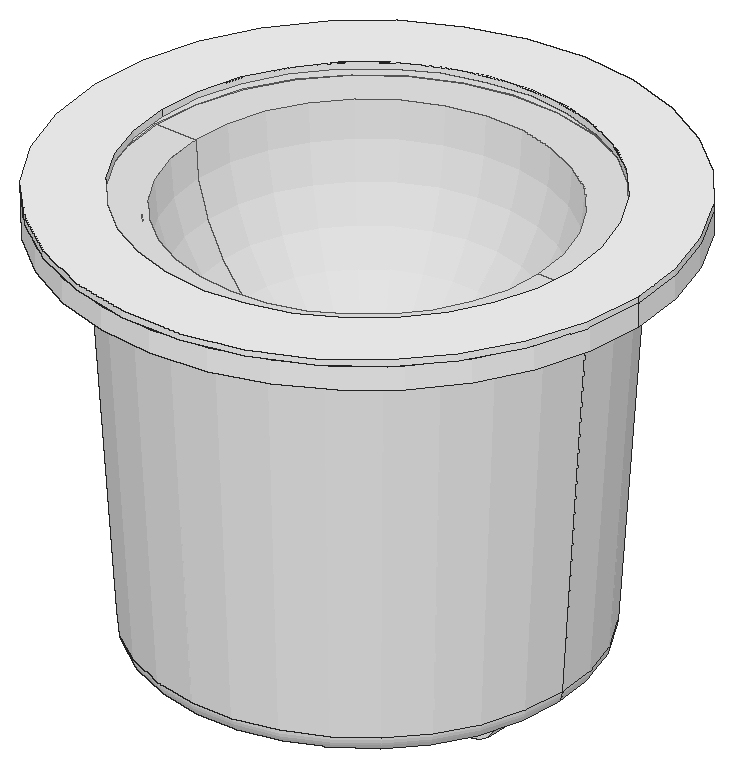
Revit family "2059240", category Lighting Fixtures, host Face, Revit 2018
Family settings
  Host = Face
  Round Connector Dimension = Use Diameter
  Part Type = Normal
  OmniClass Number = 23.80.70.11.17
  OmniClass Title = Specialized Lighting by Location or Use
  Cut with Voids When Loaded = No
  Light Source = Yes
  Shared = No
  Room Calculation Point = No
Parameters (values of type "2059240 MYRIAD DECO IP65 SP 2.7K DALI EM SI WBEZ")
  Weight = "n/a"
  Wattage = 15 W
  WarrantyStartDate [instance] = "n/a"
  WarrantyGuarantorParts = "n/a"
  WarrantyDurationUnit = "n/a"
  WarrantyDurationParts = ""
  WarrantyDescription = "http://www.sylvania-lighting.com"
  built-in parameter 1150110 = 1 (stored number, unit not read)
  Voltage = 230 V
  URL = "0"
  TypeName = "MYRIAD DECO IP65 SPOT 2700K DALI EM SILVER WBEZ"
  Type Image = 0
  Type Comments = ""
  built-in parameter 1114217 = 1 (stored number, unit not read)
  Tilt Angle = -90°
  built-in parameter 1150109 = 1 (stored number, unit not read)
  built-in parameter 1150134 = (empty or 0)
  built-in parameter 1150113 = 1 (stored number, unit not read)
  SerialNumber [instance] = "n/a"
  Reflector Radius = Cutout Diameter / 2 - 2.5 mm  # 35.0 mm
  Reflector Material = Aluminum_Sylvania_Myriad_Bright
  Recessed Depth = Height  # 72.0 mm
  PowerFactor = 0
  PowerConsumption = "Lighting"
  Photometric Web File = "2059240.ies"
  NominalWidth = 0.0 mm
  NominalLength = 76.0 mm
  NominalHeight = 72.0 mm
  Name = "MYRIAD DECO IP65 SPOT 2700K DALI EM SILVER WBEZ"
  ModelReference = "MYRIAD DECO IP65 SPOT 2700K DALI EM SILVER WBEZ"
  ModelNumber = "2059240"
  Material = "Feilo Sylvania"
  ManufacturerName = "103 lm/W"
  LuminousEfficacy = ""
  LuminaireType = "0"
  LightOutputRatio = "LED"
  LampsType = Lamp  # "n/a"
  LampNominalLuminous = "2700 K"
  LampMacAdamStep = "90"
  LampColourTemperature = "LED"
  LampColourRenderingIndex = "16500"
  Keynote = "n/a"
  Keynote_2 = "16500"
  InstallationDate [instance] = "n/a"
  InputVoltage = "0"
  InputNominalFrequency = "2700"
  IngressProtection = "IfcLightFixtureType"
  ImpactProtectionIndex = "IfcLightFixtureType"
  IfcExportType = "IfcLightFixtureType"
  IfcExportAs = "Class II"
  Height = 72.0 mm  # constant formula
  ExpectedLife = 50000
  Emit from Circle Diameter = Accessory Inner Diameter 2  # 68.0 mm
  Emit Shape Visible in Rendering = no
  ElectricShockClassification = "103"
  DurationUnit = "hours"
  DocumentationLiterature = "http://www.sylvania-lighting.com/product/en-int/products/2059240"
  DimmingControlOptions = "n/a"
  Diffuser Material = Glass_Sylvania_Myriad_Clear_4000K
  Diffuser Diameter = Cutout Diameter  # 75.0 mm
  Cutout Diameter = 75.0 mm  # constant formula
  CreatedOn = "03/02/2022"
  CreatedBy = "@sylvania-lighting.com"
  Cost = 0
  built-in parameter 1114216 [instance] = 1 (stored number, unit not read)
  Model = "MYRIAD DECO IP65 SPOT 2700K DALI EM SILVER WBEZ"
  Manufacturer = "Feilo Sylvania"  # constant formula
  built-in parameter 1150105 = 83.556 (stored number, unit not read)
  Lumens = 1050 lm
  built-in parameter 1150115 = 1 (stored number, unit not read)
  built-in parameter 1150137 = (empty or 0)
  built-in parameter 1150139 = (empty or 0)
  built-in parameter 1150112 = 1 (stored number, unit not read)
  built-in parameter 1150114 = 1 (stored number, unit not read)
  Lamp = "n/a"
  built-in parameter 1150132 = (empty or 0)
  built-in parameter 1150102 = (empty or 0)
  built-in parameter 1150107 = 2700 (stored number, unit not read)
  built-in parameter 1150138 = (empty or 0)
  built-in parameter 1150106 = 0.83556 (stored number, unit not read)
  built-in parameter 1150104 = 6.5032 (stored number, unit not read)
  Dimming Lamp Color Temperature Shift = <None>
  Description = "Supplied complete with electronic control gear Compact Fluorescent low energy downlight Emergency version passes through the cut out Ideal for low level orientation lighting New range of Architectural accessories each providing a different lit dimension New completely flush plaster up accessory ring for clean ceiling lines and smooth finish Order lamp separately"  # constant formula
  Default Elevation = 0.0 mm
  Color Filter = 16777215
  built-in parameter 1140040 [instance] = 1
  Body Radius = Reflector Radius + 1.5 mm  # 36.5 mm
  Body Material = Aluminum_Sylvania_Myriad_Gray
  BarCode [instance] = "n/a"
  built-in parameter 1114218 = 1 (stored number, unit not read)
  built-in parameter 1150133 = 10 (stored number, unit not read)
  AssetType = "Fixed"
  AssetIdentifier [instance] = "n/a"
  Assembly Code = "D5020200"
  Apparent Load = 12 VA
  Accessory Material = Aluminum_Sylvania_Myriad_White
  Accessory Inner Diameter 2 = Accessory Diameter - 22.0 mm  # 68.0 mm
  Accessory Inner Diameter 1 = Accessory Diameter - 2.0 mm  # 88.0 mm
  Accessory Diameter = Cutout Diameter + 15.0 mm  # 90.0 mm
Reference planes
  plane 1 "Center (Front/Back)": y = 0
  plane 2: z = 0
  plane 3 "Center (Left/Right)": x = 0
  plane 4: z = 2
  plane 5 "Fixture Bottom": z = 4.5
  plane 6: z = -28.5
  plane 7: z = -61.5
  plane 8 "Fixture Top": z = -67.5
  plane 9: z = 3.5
Forms (mm)
  Revolve 1, solid, material "Aluminum_Sylvania_Myriad_Bright" <- "Reflector Material", detail levels fine
    sketch origin (0, 0, 0) x (1, 0, 0) y (0, 0, 1)
      loop
        line (0, -27.515) -> (-6, -27.515)
        arc (-6, -27.515) -> (-22.333, -16.632) -> (-28.5, 2) r 30.135
        line (-28.5, 2) -> (-35, 2) -> (-35, 0) -> (-29.184, 0)
        arc (-29.184, 0) -> (-22.423, -18.18) -> (-6, -28.5) r 30.204
        line (-6, -28.5) -> (0, -28.5) -> (0, -27.515)
      axis (0, -28.5) -> (0, 2)
    angle from 0 to 360
  Revolve 2, solid, material "Aluminum_Sylvania_Myriad_Gray" <- "Body Material", detail levels fine
    sketch origin (0, 0, 0) x (1, 0, 0) y (0, 0, 1)
      loop
        line (-44, 2) -> (-44, 0) -> (-36.5, 0) -> (-32.42, -58.708)
        arc (-32.42, -58.708) -> (-31.474, -60.694) -> (-29.428, -61.5) r 3
        line (-29.428, -61.5) -> (0, -61.5) -> (0, -28.5) -> (-6, -28.5)
        arc (-6, -28.5) -> (-22.423, -18.18) -> (-29.184, 0) r 30.204
        line (-29.184, 0) -> (-35, 0) -> (-35, 2) -> (-44, 2)
      axis (0, 2) -> (0, -61.5)
    angle from 0 to 360
  Extrusion 3, solid, material "Aluminum_Sylvania_Myriad_Gray" <- "Body Material", detail levels fine
    sketch origin (0, 0, 0) x (1, 0, 0) y (0, 0, 1)
      loop
        line (-13.5, -67.5) -> (21, -67.5)
        arc (21, -67.5) -> (23.828, -66.328) -> (25, -63.5) r 4
        line (25, -63.5) -> (25, -61.5) -> (-17.5, -61.5) -> (-17.5, -63.5)
        arc (-17.5, -63.5) -> (-16.328, -66.328) -> (-13.5, -67.5) r 4
    from -4.5 to 4.5
  Extrusion 4, solid, material "Aluminum_Sylvania_Myriad_White" <- "Accessory Material", detail levels fine
    sketch origin (0, 0, 0) x (1, 0, 0) y (0, 1, 0)
      loop
        circle (0, 0) r 45
      loop
        circle (0, 0) r 44
    from 0 to 3.5
  Extrusion 5, solid, material "Aluminum_Sylvania_Myriad_White" <- "Accessory Material", detail levels fine
    sketch origin (0, 0, 0) x (1, 0, 0) y (0, 1, 0)
      loop
        circle (0, 0) r 45
      loop
        circle (0, 0) r 34
    from 3.5 to 4.5
  Extrusion 6, solid, material "Aluminum_Sylvania_Myriad_White" <- "Accessory Material", detail levels coarse+medium
    sketch origin (0, 0, 0) x (1, 0, 0) y (0, 1, 0)
      loop
        circle (0, 0) r 45
    from 0 to 4.5
  Revolve 7, solid, detail levels coarse+medium
    sketch origin (0, 0, 0) x (1, 0, 0) y (0, 0, 1)
      loop
        line (36.5, 0) -> (0, 0) -> (0, -61.5) -> (32.226, -61.5) -> (36.5, 0)
      axis (0, 0) -> (0, -61.5)
    angle from 0 to 360
  Extrusion 8, void
    sketch origin (0, 0, 0) x (1, 0, 0) y (0, 1, 0)
      loop
        circle (0, 0) r 37.5
    from -67.5 to 0
  Extrusion 9, solid, material "Glass_Sylvania_Myriad_Clear_4000K" <- "Diffuser Material", detail levels fine
    sketch origin (0, 0, 0) x (1, 0, 0) y (0, 1, 0)
      loop
        circle (0, 0) r 37.5
    from 2 to 3.5
Cuts and joins
  joined: Extrusion 4, Extrusion 5
Lines and regions (mm)
  Masking region 1
    outline origin (0, 0, 0) x (1, 0, 0) y (0, 1, 0)
      loop
        circle (0, 0) r 45
  symbolic lines
    curve 1: arc (-34, 0, 0) -> (0, 34, 0) -> (34, 0, 0) r 34
    curve 2: arc (34, 0, 0) -> (0, -34, 0) -> (-34, 0, 0) r 34
Dimensions and locks
  locked: plane 7 to plane 8 "Fixture Top" at 6
  "Body Radius": Revolve 7 sketch curve to plane 3 "Center (Left/Right)"
  locked: Revolve 7 sketch curve to Revolve 7 sketch curve at 4.274
  plane 5 "Fixture Bottom" to plane 9 to plane 4 to plane 2 to plane 6 = 1.0 mm locked, 1.5 mm locked, 2.0 mm locked, 28.5 mm locked
  "Reflector Radius": Revolve 1 sketch curve to plane 3 "Center (Left/Right)"
  Revolve 1 sketch curve to Revolve 1 sketch curve to Revolve 1 sketch curve to Revolve 1 sketch curve = 6.5 mm locked, 22.5 mm locked, 0.0 mm locked
  "Reflector Radius": plane 3 "Center (Left/Right)" to Revolve 2 sketch curve
  Revolve 2 sketch curve to Revolve 2 sketch curve to Revolve 2 sketch curve = 7.5 mm locked, 1.5 mm locked
  Revolve 2 sketch curve to Revolve 2 sketch curve to Revolve 2 sketch curve = 5.816 mm locked, 23.184 mm locked
  Revolve 2 sketch curve to Revolve 2 sketch curve to Revolve 2 sketch curve = 2.58 mm locked, 2.993 mm locked
  "Accessory Diameter": diameter of Extrusion 4 sketch curve
  "Accessory Inner Diameter 1": diameter of Extrusion 4 sketch curve
  "Accessory Diameter": diameter of Extrusion 5 sketch curve
  "Accessory Diameter": diameter of Extrusion 6 sketch curve
  "Cutout Diameter": diameter of Extrusion 8 sketch curve
  "Accessory Inner Diameter 2": diameter of Extrusion 5 sketch curve
  "Diffuser Diameter": diameter of Extrusion 9 sketch curve
  aligned and locked: plane 2 to host face
  aligned and locked: level to host face
  aligned and locked: plane 1 "Center (Front/Back)" to imposter light
  aligned and locked: plane 3 "Center (Left/Right)" to imposter light
  aligned and locked: Revolve 1 sketch curve to imposter light
  aligned and locked: Extrusion 3 sketch curve to plane 8 "Fixture Top"
  aligned and locked: plane 7 to Extrusion 3 sketch curve
  aligned and locked: Extrusion 4 to plane 2
  aligned and locked: plane 9 to Extrusion 4
  aligned and locked: Extrusion 5 to plane 9
  aligned and locked: plane 5 "Fixture Bottom" to Extrusion 5
  aligned and locked: Extrusion 6 to plane 2
  aligned and locked: plane 5 "Fixture Bottom" to Extrusion 6
  aligned and locked: Extrusion 8 to plane 8 "Fixture Top"
  aligned and locked: plane 2 to Extrusion 8
  aligned and locked: Masking region 1 sketch curve to Extrusion 6  (x2)
  aligned and locked: Extrusion 9 to plane 4
  aligned and locked: plane 9 to Extrusion 9
  aligned and locked: plane 4 to Revolve 2 sketch curve
  aligned and locked: Revolve 2 sketch curve to plane 2
  aligned and locked: curve 1 to cut or joined group of Extrusion 4, Extrusion 5
  aligned and locked: curve 2 to cut or joined group of Extrusion 4, Extrusion 5
  aligned and locked: imposter light to plane 5 "Fixture Bottom"
Automatic sketch dimensions
  host sketch curve to host sketch curve = 1305.563 mm
  host sketch curve to host sketch curve = 1283.632 mm
  Extrusion 3 sketch curve to plane 7 = 2.0 mm
  Extrusion 3 sketch curve to plane 3 "Center (Left/Right)" = 13.5 mm
  plane 3 "Center (Left/Right)" to Extrusion 3 sketch curve = 21.0 mm
  Extrusion 3 sketch curve to Extrusion 3 sketch curve = 4.0 mm
  Revolve 1 sketch curve to level = 0.0 mm
  Revolve 1 sketch curve to plane 3 "Center (Left/Right)" = 0.0 mm
  Revolve 1 sketch curve to plane 6 = 0.0 mm
  Revolve 1 sketch curve to plane 4 = 0.0 mm
  Revolve 1 sketch curve to Revolve 1 sketch curve = 0.684 mm
  level to Revolve 1 sketch curve = 0.88 mm
  Revolve 1 sketch curve to plane 4 = 0.363 mm
  Revolve 1 sketch curve to Revolve 1 sketch curve = 0.625 mm
  Revolve 1 sketch curve to plane 8 "Fixture Top" = 232.8 mm
  plane 5 "Fixture Bottom" to Revolve 1 sketch curve = 291.243 mm
  Revolve 2 sketch curve to plane 3 "Center (Left/Right)" = 0.0 mm  (x2)
  Revolve 2 sketch curve to plane 7 = 0.0 mm
  Revolve 2 sketch curve to plane 6 = 0.0 mm
  Revolve 2 sketch curve to level = 0.0 mm
  level to Revolve 2 sketch curve = 0.88 mm
  plane 7 to Revolve 2 sketch curve = 2.792 mm
  Revolve 2 sketch curve to plane 8 "Fixture Top" = 304.774 mm
  plane 5 "Fixture Bottom" to Revolve 2 sketch curve = 1137.105 mm
  Extrusion 4 sketch curve to Extrusion 4 sketch curve = 0.0 mm  (x2)
  plane 1 "Center (Front/Back)" to Extrusion 4 sketch curve = 0.0 mm
  Extrusion 4 sketch curve to plane 3 "Center (Left/Right)" = 0.0 mm
  Extrusion 5 sketch curve to Extrusion 5 sketch curve = 0.0 mm  (x2)
  plane 1 "Center (Front/Back)" to Extrusion 5 sketch curve = 0.0 mm
  Extrusion 5 sketch curve to plane 3 "Center (Left/Right)" = 0.0 mm
  plane 1 "Center (Front/Back)" to Extrusion 6 sketch curve = 0.0 mm
  Extrusion 6 sketch curve to plane 3 "Center (Left/Right)" = 0.0 mm
  Revolve 7 sketch curve to level = 0.0 mm
  Revolve 7 sketch curve to plane 3 "Center (Left/Right)" = 0.0 mm  (x2)
  Revolve 7 sketch curve to plane 7 = 0.0 mm
  Revolve 7 sketch curve to plane 8 "Fixture Top" = 304.774 mm
  plane 5 "Fixture Bottom" to Revolve 7 sketch curve = 43.226 mm
  plane 1 "Center (Front/Back)" to Extrusion 8 sketch curve = 0.0 mm
  Extrusion 8 sketch curve to plane 3 "Center (Left/Right)" = 0.0 mm
  plane 1 "Center (Front/Back)" to Extrusion 9 sketch curve = 0.0 mm
  Extrusion 9 sketch curve to plane 3 "Center (Left/Right)" = 0.0 mm
Connectors
  electrical at (-0.006, -0.019, -67.5), driven by "Apparent Load", driven by "Apparent Load"
    settings: on plane 8 "Fixture Top", index 1, voltage 230 V, apparent load 12 VA, apparent load phase1 12 VA, apparent load phase2 0 VA, apparent load phase3 0 VA, power factor 1, load classification "Lighting", number of poles 1, system type 30, power factor state 1, is connector primary yes, connector utility no, sub classification motor no, connector description ""
